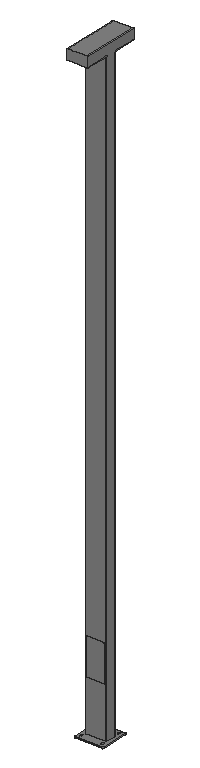
Revit family "Супремус В", category Осветительные приборы, Revit 2019 (continued)
Types (7, lengths in mm): name | Файл фотометрической сетки | built-in parameter 1150105 | Lumens | built-in parameter 1150106 | built-in parameter 1150142 | Wattage | L_общая рассеиватели | ADSK_Фактическая мощность | ADSK_Размер_Высота | ADSK_Номинальная мощность | ADSK_Наименование | ADSK_Масса_Текст | ADSK_Масса | ADSK_Артикул | 2
    0.0 0.0 0.0 0.0 0.0 0.0 0.0 0.0 0.0 0.0 0.0 0.0 0.0 0.0 0.0 0.0 0.0 0.0 0.0 0.0 0.0\r\n 0.0 0.0 0.0 0.0 0.0 0.0 0.0 0.0 0.0 0.0 0.0 0.0 0.0 0.0 0.0 0.0 0.0 0.0 0.0 0.0 0.0 0.0 0.0 0.0 0.0 0.0 0.0 0.0 0.0 0.0 0.0 0.0\r\n 0.0 0.0 0.0 0.0 0.0\r\n275.6 273.7 271.8 269.8 267.9 265.9 264.0 262.0 260.0 257.9 255.6 253.3 251.0 248.8 246.1 243.5 240.4 237.2 233.8 230.1 226.8\r\n 223.3 220.1 217.1 214.2 211.4 209.0 206.5 203.6 200.6 197.6 194.5 191.5 188.3 185.1 181.9 178.6 175.4 171.7 167.9 164.1 160.3\r\n 157.0 153.7 150.5 147.5 144.5 141.6 138.7 135.8 133.1 130.7 128.9 127.4 126.3 124.5 122.6 120.8 119.4 117.7 115.8 113.8 111.8\r\n 109.5 107.1 104.6 102.1 99.7 97.4 95.1 92.7 90.3 87.8 85.5 83.3 81.3 79.2 77.1 75.0 73.0 71.0 69.0 67.0 65.2 63.2 61.2 59.1 57.1\r\n 55.1 53.0 51.0 49.2 47.5 46.0 44.6 43.3 42.0 40.8 39.9 39.1 38.3 37.6 37.1 36.7 36.5 36.3 36.0 35.7 35.2 34.6 34.1 33.7 33.4 33.4\r\n 33.6 34.1 33.9 32.6 31.7 30.9 30.3 29.9 29.4 28.7 28.0 27.5 27.1 26.8 26.9 27.3 28.1 28.9 30.1 32.0 34.5 37.0 39.1 40.8 41.2 42.0\r\n 42.7 42.8 42.6 41.8 41.0 40.2 39.3 38.3 37.3 36.3 35.4 35.4 35.9 35.3 34.7 33.9 33.8 33.5 33.0 32.0 31.2 29.9 28.3 26.9 25.6 24.7\r\n 23.8 23.0 22.0 21.1 20.2 19.2 18.1 16.7 14.9 13.3 12.3 11.2 10.0 8.9 8.1 7.5 6.9 6.5 6.6 6.1 5.8 5.8 5.3 5.3 4.3 3.9 3.8 3.6 3.7\r\n 3.7 3.4 3.2 2.3 2.1 1.8 0.0 0.0 0.0 0.0 0.0 0.0 0.0 0.0 0.0 0.0 0.0 0.0 0.0 0.0 0.0 0.0 0.0 0.0 0.0 0.0 0.0 0.0 0.0 0.0 0.0 0.0\r\n 0.0 0.0 0.0 0.0 0.0 0.0 0.0 0.0 0.0 0.0 0.0 0.0 0.0 0.0 0.0 0.0 0.0 0.0 0.0 0.0 0.0 0.0 0.0 0.0 0.0 0.0 0.0 0.0 0.0 0.0 0.0 0.0\r\n 0.0 0.0 0.0 0.0 0.0 0.0 0.0 0.0 0.0 0.0 0.0 0.0 0.0 0.0 0.0 0.0 0.0 0.0 0.0 0.0 0.0 0.0 0.0 0.0 0.0 0.0 0.0 0.0 0.0 0.0 0.0 0.0\r\n 0.0 0.0 0.0 0.0 0.0 0.0 0.0 0.0 0.0 0.0 0.0 0.0 0.0 0.0 0.0 0.0 0.0 0.0 0.0 0.0 0.0 0.0 0.0 0.0 0.0 0.0 0.0 0.0 0.0 0.0 0.0 0.0\r\n 0.0 0.0 0.0 0.0 0.0 0.0 0.0 0.0 0.0 0.0 0.0 0.0 0.0 0.0 0.0 0.0 0.0 0.0 0.0 0.0 0.0 0.0 0.0 0.0 0.0 0.0 0.0 0.0 0.0 0.0 0.0 0.0\r\n 0.0 0.0 0.0 0.0 0.0 0.0\r\n275.6 274.0 272.1 270.3 268.4 266.6 264.6 262.9 261.0 259.1 257.1 254.9 252.7 250.4 248.0 245.7 243.1 240.2 237.2 234.1 230.9\r\n 227.5 224.1 221.0 218.1 215.2 212.5 210.1 207.6 205.1 202.5 199.5 196.8 194.1 191.3 188.5 185.6 182.6 179.7 176.8 173.7 170.4\r\n 167.1 163.7 160.4 157.2 154.4 151.6 149.0 146.4 143.9 141.5 139.1 136.7 134.5 132.4 130.5 129.1 127.6 126.3 125.0 123.7 122.2\r\n 120.7 119.1 117.3 115.4 113.4 111.3 109.2 107.0 104.7 102.5 100.4 98.3 96.1 93.9 91.6 89.3 87.0 84.8 82.6 80.5 78.5 76.6 74.8\r\n 73.0 71.3 69.4 67.4 65.5 63.7 61.8 60.1 58.4 56.6 54.7 53.1 51.6 50.4 49.3 48.3 47.3 46.3 45.5 45.1 44.6 44.0 43.7 43.2 42.7 42.4\r\n 41.9 41.5 41.0 40.5 40.5 40.8 41.1 40.8 40.2 39.6 38.9 38.4 38.0 37.7 37.4 37.1 36.7 36.3 36.0 35.9 36.1 36.5 37.0 37.5 38.7 40.3\r\n 41.7 42.9 43.7 45.3 47.0 48.8 49.4 49.4 49.3 48.6 47.4 46.0 44.8 43.9 42.8 41.3 40.0 38.5 37.7 37.3 36.5 35.8 34.9 33.8 32.3 30.4\r\n 28.6 26.8 25.2 23.6 22.1 20.8 19.6 18.4 17.2 16.0 14.3 12.4 11.0 9.8 8.5 7.3 6.5 6.0 5.5 5.1 4.9 4.9 4.8 4.7 4.4 4.0 3.5 3.3 3.2\r\n 3.2 3.0 2.9 2.7 2.1 2.0 1.7 1.5 0.0 0.0 0.0 0.0 0.0 0.0 0.0 0.0 0.0 0.0 0.0 0.0 0.0 0.0 0.0 0.0 0.0 0.0 0.0 0.0 0.0 0.0 0.0 0.0\r\n 0.0 0.0 0.0 0.0 0.0 0.0 0.0 0.0 0.0 0.0 0.0 0.0 0.0 0.0 0.0 0.0 0.0 0.0 0.0 0.0 0.0 0.0 0.0 0.0 0.0 0.0 0.0 0.0 0.0 0.0 0.0 0.0\r\n 0.0 0.0 0.0 0.0 0.0 0.0 0.0 0.0 0.0 0.0 0.0 0.0 0.0 0.0 0.0 0.0 0.0 0.0 0.0 0.0 0.0 0.0 0.0 0.0 0.0 0.0 0.0 0.0 0.0 0.0 0.0 0.0\r\n 0.0 0.0 0.0 0.0 0.0 0.0 0.0 0.0 0.0 0.0 0.0 0.0 0.0 0.0 0.0 0.0 0.0 0.0 0.0 0.0 0.0 0.0 0.0 0.0 0.0 0.0 0.0 0.0 0.0 0.0 0.0 0.0\r\n 0.0 0.0 0.0 0.0 0.0 0.0 0.0 0.0 0.0 0.0 0.0 0.0 0.0 0.0 0.0 0.0 0.0 0.0 0.0 0.0 0.0 0.0 0.0 0.0 0.0 0.0 0.0 0.0 0.0 0.0 0.0 0.0\r\n 0.0 0.0 0.0 0.0 0.0 0.0 0.0 0.0\r\n275.6 274.1 272.5 270.6 269.1 267.3 265.5 264.1 262.1 260.4 258.7 256.7 254.6 252.5 250.2 248.0 245.9 243.5 241.0 238.4 235.6\r\n 232.7 229.7 226.6 223.5 220.5 217.8 215.0 212.3 209.8 207.4 205.1 202.8 200.4 197.9 195.4 193.0 190.5 188.1 185.7 183.1 180.5\r\n 177.9 175.1 172.5 169.8 167.1 164.3 161.6 158.9 156.3 153.9 151.7 149.6 147.9 146.2 144.6 142.7 141.1 139.4 137.8 136.4 134.8\r\n 133.4 132.3 131.1 129.6 128.1 126.7 125.0 123.3 121.8 120.0 118.2 116.4 114.5 112.6 110.8 109.1 107.4 105.8 104.2 102.6 101.0\r\n 99.4 97.8 96.1 94.5 92.6 90.8 89.1 87.3 85.7 84.1 82.3 80.6 79.0 77.5 76.1 74.8 73.5 72.4 71.5 70.4 69.1 68.2 67.1 66.2 65.2 64.3\r\n 63.5 62.8 62.0 61.3 60.8 60.4 60.2 60.0 59.7 59.5 59.3 58.8 58.6 58.4 57.8 57.2 56.7 56.2 55.7 55.2 54.5 53.9 53.3 53.0 52.7 52.5\r\n 52.5 52.4 52.3 52.4 52.9 53.4 53.9 54.8 56.1 57.5 58.5 59.5 60.3 61.2 61.2 61.1 60.8 60.0 58.4 55.4 52.5 50.2 48.1 45.9 43.5 40.9\r\n 38.5 36.2 33.8 31.6 29.6 27.6 25.6 23.7 21.8 19.9 18.4 17.0 15.5 14.0 11.9 9.9 8.8 7.7 6.9 6.1 5.5 5.1 4.7 4.5 4.7 4.7 4.3 3.7\r\n 3.3 3.0 3.2 3.0 2.7 2.4 2.0 1.9 1.6 1.4 1.3 0.0 0.0 0.0 0.0 0.0 0.0 0.0 0.0 0.0 0.0 0.0 0.0 0.0 0.0 0.0 0.0 0.0 0.0 0.0 0.0 0.0\r\n 0.0 0.0 0.0 0.0 0.0 0.0 0.0 0.0 0.0 0.0 0.0 0.0 0.0 0.0 0.0 0.0 0.0 0.0 0.0 0.0 0.0 0.0 0.0 0.0 0.0 0.0 0.0 0.0 0.0 0.0 0.0 0.0\r\n 0.0 0.0 0.0 0.0 0.0 0.0 0.0 0.0 0.0 0.0 0.0 0.0 0.0 0.0 0.0 0.0 0.0 0.0 0.0 0.0 0.0 0.0 0.0 0.0 0.0 0.0 0.0 0.0 0.0 0.0 0.0 0.0\r\n 0.0 0.0 0.0 0.0 0.0 0.0 0.0 0.0 0.0 0.0 0.0 0.0 0.0 0.0 0.0 0.0 0.0 0.0 0.0 0.0 0.0 0.0 0.0 0.0 0.0 0.0 0.0 0.0 0.0 0.0 0.0 0.0\r\n 0.0 0.0 0.0 0.0 0.0 0.0 0.0 0.0 0.0 0.0 0.0 0.0 0.0 0.0 0.0 0.0 0.0 0.0 0.0 0.0 0.0 0.0 0.0 0.0 0.0 0.0 0.0 0.0 0.0 0.0 0.0 0.0\r\n 0.0 0.0 0.0 0.0 0.0 0.0 0.0 0.0 0.0 0.0 0.0\r\n275.6 274.2 272.7 271.1 269.7 268.1 266.5 264.9 263.4 261.7 260.1 258.5 256.5 254.6 252.6 250.5 248.5 246.5 244.4 242.2 239.9\r\n 237.4 234.9 232.2 229.4 226.6 223.8 221.1 218.4 215.8 213.2 210.8 208.5 206.2 204.1 201.9 199.9 197.7 195.3 193.2 191.2 188.9\r\n 187.1 185.2 183.2 181.2 179.1 177.0 174.9 173.0 171.0 169.2 167.5 165.7 164.0 162.3 160.8 159.3 157.9 156.6 155.2 154.2 153.1\r\n 151.8 150.5 149.3 148.0 146.6 145.1 143.4 141.6 139.9 138.2 136.8 135.5 134.4 133.3 132.3 131.3 130.1 129.0 127.8 126.6 125.2\r\n 123.8 122.4 121.0 119.6 118.2 116.8 115.6 114.6 113.1 111.9 110.5 109.6 108.3 107.1 106.2 105.5 104.5 103.3 102.3 101.4 100.4\r\n 99.3 98.1 97.1 95.9 94.8 93.8 92.9 92.0 91.4 90.7 90.2 89.6 89.1 88.5 88.0 87.8 87.5 87.4 87.5 87.2 86.8 86.9 86.5 85.9 85.5 85.1\r\n 84.8 84.5 84.2 83.8 83.3 82.6 82.2 81.9 81.3 80.9 80.7 80.1 79.8 79.5 79.2 78.0 76.8 75.6 74.2 72.3 69.7 67.1 63.8 60.6 55.9 50.9\r\n 46.6 42.4 38.5 35.5 33.1 30.8 29.0 27.5 26.3 25.4 24.4 23.6 22.7 21.6 20.7 20.0 19.0 18.1 16.9 15.5 13.4 11.1 9.5 7.9 6.8 6.0 5.3\r\n 4.7 4.2 3.8 3.4 3.4 3.2 3.3 2.9 2.8 2.6 2.3 2.0 1.7 1.5 1.4 1.2 1.2 0.0 0.0 0.0 0.0 0.0 0.0 0.0 0.0 0.0 0.0 0.0 0.0 0.0 0.0 0.0\r\n 0.0 0.0 0.0 0.0 0.0 0.0 0.0 0.0 0.0 0.0 0.0 0.0 0.0 0.0 0.0 0.0 0.0 0.0 0.0 0.0 0.0 0.0 0.0 0.0 0.0 0.0 0.0 0.0 0.0 0.0 0.0 0.0\r\n 0.0 0.0 0.0 0.0 0.0 0.0 0.0 0.0 0.0 0.0 0.0 0.0 0.0 0.0 0.0 0.0 0.0 0.0 0.0 0.0 0.0 0.0 0.0 0.0 0.0 0.0 0.0 0.0 0.0 0.0 0.0 0.0\r\n 0.0 0.0 0.0 0.0 0.0 0.0 0.0 0.0 0.0 0.0 0.0 0.0 0.0 0.0 0.0 0.0 0.0 0.0 0.0 0.0 0.0 0.0 0.0 0.0 0.0 0.0 0.0 0.0 0.0 0.0 0.0 0.0\r\n 0.0 0.0 0.0 0.0 0.0 0.0 0.0 0.0 0.0 0.0 0.0 0.0 0.0 0.0 0.0 0.0 0.0 0.0 0.0 0.0 0.0 0.0 0.0 0.0 0.0 0.0 0.0 0.0 0.0 0.0 0.0 0.0\r\n 0.0 0.0 0.0 0.0 0.0 0.0 0.0 0.0 0.0 0.0 0.0 0.0 0.0 0.0 0.0 0.0 0.0\r\n275.6 274.5 273.1 271.8 270.3 269.0 267.6 266.3 264.7 263.4 261.8 260.1 258.7 257.0 255.2 253.4 251.8 249.9 247.9 246.0 244.1\r\n 242.0 239.9 237.7 235.5 233.3 231.0 228.6 226.3 223.8 221.5 219.0 216.5 214.2 211.9 209.7 207.4 205.3 203.3 201.5 199.8 198.0\r\n 196.3 194.6 193.1 191.7 190.5 189.2 188.1 187.1 186.2 185.1 183.9 182.8 181.7 180.7 179.6 178.5 177.6 176.7 175.9 174.8 174.0\r\n 173.1 172.0 170.9 169.5 168.4 166.8 165.4 164.0 162.6 161.5 160.4 159.5 158.7 157.8 156.9 156.0 155.1 154.3 153.4 152.4 151.3\r\n 150.2 149.3 148.4 147.6 146.9 146.7 145.9 145.0 144.3 143.6 142.5 141.6 141.4 140.7 139.8 138.8 137.9 137.0 135.8 134.8 133.9\r\n 133.0 132.1 131.3 130.5 129.8 129.1 128.4 127.9 127.5 127.1 126.7 126.6 126.4 126.3 126.0 125.8 125.5 125.1 125.0 124.8 124.1\r\n 123.4 122.7 122.2 121.7 121.3 121.1 120.6 120.0 119.3 118.6 118.0 117.0 115.8 114.3 112.6 110.5 107.9 104.6 100.9 97.1 93.2 89.6\r\n 85.0 79.4 74.0 69.0 63.4 56.9 50.6 45.2 40.6 37.4 35.3 33.5 32.1 30.9 30.1 29.4 28.7 27.9 26.9 25.6 24.1 22.6 20.9 19.1 17.5 16.1\r\n 14.7 13.3 11.7 10.4 9.3 7.9 6.4 5.5 4.9 4.3 3.8 3.4 3.0 2.6 2.3 2.3 2.3 2.3 2.3 2.0 1.7 1.4 1.4 1.3 1.3 1.2 1.2 0.0 0.0 0.0 0.0\r\n 0.0 0.0 0.0 0.0 0.0 0.0 0.0 0.0 0.0 0.0 0.0 0.0 0.0 0.0 0.0 0.0 0.0 0.0 0.0 0.0 0.0 0.0 0.0 0.0 0.0 0.0 0.0 0.0 0.0 0.0 0.0 0.0\r\n 0.0 0.0 0.0 0.0 0.0 0.0 0.0 0.0 0.0 0.0 0.0 0.0 0.0 0.0 0.0 0.0 0.0 0.0 0.0 0.0 0.0 0.0 0.0 0.0 0.0 0.0 0.0 0.0 0.0 0.0 0.0 0.0\r\n 0.0 0.0 0.0 0.0 0.0 0.0 0.0 0.0 0.0 0.0 0.0 0.0 0.0 0.0 0.0 0.0 0.0 0.0 0.0 0.0 0.0 0.0 0.0 0.0 0.0 0.0 0.0 0.0 0.0 0.0 0.0 0.0\r\n 0.0 0.0 0.0 0.0 0.0 0.0 0.0 0.0 0.0 0.0 0.0 0.0 0.0 0.0 0.0 0.0 0.0 0.0 0.0 0.0 0.0 0.0 0.0 0.0 0.0 0.0 0.0 0.0 0.0 0.0 0.0 0.0\r\n 0.0 0.0 0.0 0.0 0.0 0.0 0.0 0.0 0.0 0.0 0.0 0.0 0.0 0.0 0.0 0.0 0.0 0.0 0.0 0.0 0.0 0.0 0.0 0.0 0.0 0.0 0.0 0.0\r\n275.6 274.6 273.5 272.3 271.1 269.8 268.7 267.3 266.1 264.8 263.5 261.9 260.6 259.2 257.7 256.3 254.8 253.2 251.7 250.0 248.2\r\n 246.4 244.5 242.6 240.7 238.9 237.2 235.3 233.4 231.6 229.6 227.4 225.3 223.1 221.1 219.3 217.2 215.3 213.5 211.6 210.0 208.4\r\n 206.9 205.7 204.4 203.3 202.3 201.3 200.4 199.6 199.1 198.7 198.2 197.7 197.3 196.7 196.4 195.9 195.6 195.3 195.2 194.9 194.3\r\n 193.7 193.2 192.6 191.7 191.0 190.3 189.5 188.8 188.1 187.4 186.9 186.2 185.8 185.2 184.6 184.1 183.4 182.9 182.4 182.0 181.5\r\n 181.2 180.9 180.7 180.8 180.8 180.1 179.4 179.1 178.7 178.4 178.5 178.4 177.6 176.8 176.2 175.4 174.3 173.3 172.4 171.8 171.2\r\n 170.6 170.1 169.6 169.3 169.0 168.7 168.4 168.1 167.9 167.8 167.6 167.5 167.5 167.4 167.2 167.0 166.6 166.2 165.8 165.4 164.8\r\n 164.4 164.2 164.0 163.6 163.1 162.4 161.6 160.3 159.0 157.3 155.4 153.1 150.1 146.5 142.0 137.0 132.0 126.4 119.6 112.2 104.8\r\n 97.6 90.1 83.2 76.7 71.3 66.4 63.0 59.7 57.8 56.7 55.2 53.5 51.5 48.9 46.0 42.6 39.0 35.1 31.3 27.8 24.6 21.8 19.0 16.6 14.5 12.7\r\n 11.2 9.8 8.6 7.5 6.6 5.9 5.3 4.5 3.7 3.3 3.1 2.9 2.6 2.3 2.1 2.0 1.9 1.7 1.5 1.4 1.3 1.2 1.1 1.1 1.1 1.2 1.2 1.2 0.0 0.0 0.0 0.0\r\n 0.0 0.0 0.0 0.0 0.0 0.0 0.0 0.0 0.0 0.0 0.0 0.0 0.0 0.0 0.0 0.0 0.0 0.0 0.0 0.0 0.0 0.0 0.0 0.0 0.0 0.0 0.0 0.0 0.0 0.0 0.0 0.0\r\n 0.0 0.0 0.0 0.0 0.0 0.0 0.0 0.0 0.0 0.0 0.0 0.0 0.0 0.0 0.0 0.0 0.0 0.0 0.0 0.0 0.0 0.0 0.0 0.0 0.0 0.0 0.0 0.0 0.0 0.0 0.0 0.0\r\n 0.0 0.0 0.0 0.0 0.0 0.0 0.0 0.0 0.0 0.0 0.0 0.0 0.0 0.0 0.0 0.0 0.0 0.0 0.0 0.0 0.0 0.0 0.0 0.0 0.0 0.0 0.0 0.0 0.0 0.0 0.0 0.0\r\n 0.0 0.0 0.0 0.0 0.0 0.0 0.0 0.0 0.0 0.0 0.0 0.0 0.0 0.0 0.0 0.0 0.0 0.0 0.0 0.0 0.0 0.0 0.0 0.0 0.0 0.0 0.0 0.0 0.0 0.0 0.0 0.0\r\n 0.0 0.0 0.0 0.0 0.0 0.0 0.0 0.0 0.0 0.0 0.0 0.0 0.0 0.0 0.0 0.0 0.0 0.0 0.0 0.0 0.0 0.0 0.0 0.0 0.0 0.0 0.0 0.0\r\n275.6 274.9 273.9 272.9 272.0 270.8 269.8 268.8 267.7 266.6 265.4 264.1 262.9 261.6 260.3 259.1 257.8 256.6 255.2 253.9 252.5\r\n 251.0 249.6 247.9 246.4 244.8 243.2 241.7 240.0 238.2 236.9 235.3 233.9 232.6 231.1 229.8 228.3 227.1 225.6 224.3 223.0 222.0\r\n 220.7 219.7 218.6 217.8 216.9 216.0 215.4 214.7 214.0 213.5 213.1 212.6 212.3 211.7 211.4 211.3 211.2 211.1 211.0 210.8 210.8\r\n 210.8 210.7 210.7 210.6 210.8 210.8 210.8 210.9 211.1 211.3 211.4 211.5 211.5 211.5 211.4 211.4 211.5 211.7 211.9 211.9 212.1\r\n 212.3 212.6 213.2 213.5 213.4 213.3 213.4 213.4 213.8 214.1 213.9 213.2 212.9 212.5 211.9 211.5 211.3 211.1 211.0 210.9 210.9\r\n 210.9 210.8 210.8 210.8 210.8 210.9 211.0 211.0 211.1 211.3 211.7 212.3 212.9 213.3 213.6 214.1 214.4 214.6 214.7 214.8 214.7\r\n 214.4 214.2 213.8 213.2 211.9 210.0 207.8 204.8 201.7 198.5 194.3 189.5 184.1 178.3 172.2 165.8 157.9 150.2 142.1 134.7 127.3\r\n 119.8 112.4 106.8 103.0 100.5 98.7 97.7 96.6 94.1 89.8 83.3 75.8 67.4 59.0 50.9 42.7 35.4 29.7 25.2 21.8 18.9 16.4 14.1 12.1 10.4\r\n 9.0 8.0 7.0 6.3 5.6 4.9 4.2 3.7 3.4 3.2 3.1 3.0 2.6 2.3 2.1 2.0 1.8 1.6 1.4 1.2 1.1 1.1 1.1 1.1 1.1 1.1 1.2 1.2 1.2 0.0 0.0 0.0\r\n 0.0 0.0 0.0 0.0 0.0 0.0 0.0 0.0 0.0 0.0 0.0 0.0 0.0 0.0 0.0 0.0 0.0 0.0 0.0 0.0 0.0 0.0 0.0 0.0 0.0 0.0 0.0 0.0 0.0 0.0 0.0 0.0\r\n 0.0 0.0 0.0 0.0 0.0 0.0 0.0 0.0 0.0 0.0 0.0 0.0 0.0 0.0 0.0 0.0 0.0 0.0 0.0 0.0 0.0 0.0 0.0 0.0 0.0 0.0 0.0 0.0 0.0 0.0 0.0 0.0\r\n 0.0 0.0 0.0 0.0 0.0 0.0 0.0 0.0 0.0 0.0 0.0 0.0 0.0 0.0 0.0 0.0 0.0 0.0 0.0 0.0 0.0 0.0 0.0 0.0 0.0 0.0 0.0 0.0 0.0 0.0 0.0 0.0\r\n 0.0 0.0 0.0 0.0 0.0 0.0 0.0 0.0 0.0 0.0 0.0 0.0 0.0 0.0 0.0 0.0 0.0 0.0 0.0 0.0 0.0 0.0 0.0 0.0 0.0 0.0 0.0 0.0 0.0 0.0 0.0 0.0\r\n 0.0 0.0 0.0 0.0 0.0 0.0 0.0 0.0 0.0 0.0 0.0 0.0 0.0 0.0 0.0 0.0 0.0 0.0 0.0 0.0 0.0 0.0 0.0 0.0 0.0 0.0 0.0 0.0 0.0\r\n275.6 275.1 274.4 273.6 272.7 271.8 271.0 270.0 269.2 268.1 267.0 266.1 265.0 264.0 262.9 261.9 260.7 259.6 258.5 257.4 256.1\r\n 254.9 253.8 252.4 251.3 250.1 248.9 247.6 246.5 245.2 244.0 242.8 241.9 240.9 239.9 239.2 238.2 237.3 236.6 235.9 235.3 234.8\r\n 234.4 233.9 233.5 233.1 232.9 232.5 231.9 231.4 231.1 230.6 230.3 229.9 229.6 229.4 229.3 228.9 228.8 228.6 228.4 228.4 228.5\r\n 228.6 228.7 229.1 229.5 229.9 230.2 230.7 231.0 231.6 232.2 232.7 233.1 233.6 234.2 234.7 235.3 235.9 236.4 237.0 237.6 238.4\r\n 239.4 240.8 241.7 242.1 242.5 243.2 244.1 245.1 245.5 245.4 245.4 245.5 245.4 245.5 245.8 245.9 246.1 246.5 246.8 247.3 247.7\r\n 248.0 248.5 249.0 249.3 249.7 249.8 250.3 251.0 251.9 252.8 253.8 254.7 255.6 256.4 256.7 256.9 256.7 256.4 256.1 256.1 256.0\r\n 255.6 254.6 252.8 250.7 248.2 244.7 240.1 235.1 230.0 225.0 220.1 215.3 210.0 204.1 198.6 192.8 186.7 180.9 175.4 169.7 164.5\r\n 160.1 156.9 155.3 154.2 151.0 146.1 139.0 128.6 115.3 100.4 85.0 70.6 60.0 49.4 38.7 32.0 27.0 22.7 18.9 15.7 13.2 11.2 9.7 8.5\r\n 7.6 6.8 6.0 5.4 4.7 4.2 3.6 3.2 3.0 2.9 2.8 2.6 2.5 2.4 2.2 1.8 1.6 1.4 1.2 1.1 1.0 1.0 1.0 1.0 1.0 1.1 1.1 1.1 1.2 1.2 0.0 0.0\r\n 0.0 0.0 0.0 0.0 0.0 0.0 0.0 0.0 0.0 0.0 0.0 0.0 0.0 0.0 0.0 0.0 0.0 0.0 0.0 0.0 0.0 0.0 0.0 0.0 0.0 0.0 0.0 0.0 0.0 0.0 0.0 0.0\r\n 0.0 0.0 0.0 0.0 0.0 0.0 0.0 0.0 0.0 0.0 0.0 0.0 0.0 0.0 0.0 0.0 0.0 0.0 0.0 0.0 0.0 0.0 0.0 0.0 0.0 0.0 0.0 0.0 0.0 0.0 0.0 0.0\r\n 0.0 0.0 0.0 0.0 0.0 0.0 0.0 0.0 0.0 0.0 0.0 0.0 0.0 0.0 0.0 0.0 0.0 0.0 0.0 0.0 0.0 0.0 0.0 0.0 0.0 0.0 0.0 0.0 0.0 0.0 0.0 0.0\r\n 0.0 0.0 0.0 0.0 0.0 0.0 0.0 0.0 0.0 0.0 0.0 0.0 0.0 0.0 0.0 0.0 0.0 0.0 0.0 0.0 0.0 0.0 0.0 0.0 0.0 0.0 0.0 0.0 0.0 0.0 0.0 0.0\r\n 0.0 0.0 0.0 0.0 0.0 0.0 0.0 0.0 0.0 0.0 0.0 0.0 0.0 0.0 0.0 0.0 0.0 0.0 0.0 0.0 0.0 0.0 0.0 0.0 0.0 0.0 0.0 0.0 0.0 0.0\r\n275.6 275.2 274.7 274.0 273.6 272.9 272.1 271.5 270.5 269.8 269.0 268.1 267.3 266.4 265.5 264.6 263.9 262.9 261.9 260.8 259.8\r\n 258.7 257.7 256.8 255.7 254.7 253.9 252.9 252.1 251.1 250.4 249.9 249.3 248.6 248.3 247.7 247.1 246.8 246.5 246.5 246.4 246.4\r\n 246.5 246.4 246.3 246.3 246.5 246.4 246.5 246.5 246.5 246.6 246.7 246.8 247.0 247.1 247.1 247.4 247.4 247.5 247.8 248.1 248.3\r\n 248.5 249.0 249.6 250.1 250.6 251.1 251.8 252.3 252.9 253.4 254.0 254.5 255.1 255.8 256.6 257.5 258.5 259.2 260.2 261.2 262.3\r\n 263.9 265.3 266.2 267.0 268.1 269.6 270.6 271.2 271.4 271.5 271.8 272.0 272.3 272.5 273.3 274.0 274.5 275.0 275.6 276.3 276.7\r\n 277.1 277.9 278.8 279.5 280.4 281.8 283.0 284.6 286.3 287.6 289.1 290.4 291.3 291.9 291.9 291.5 291.2 290.7 290.2 289.9 289.3\r\n 288.0 285.8 283.5 280.5 276.5 272.0 267.1 262.2 257.7 253.3 249.0 244.7 240.4 236.4 232.4 227.6 223.2 219.0 215.4 211.7 207.3\r\n 203.7 200.0 195.1 188.1 178.8 166.6 151.4 132.7 113.9 95.4 80.5 67.6 54.9 43.4 33.3 26.0 20.5 16.7 13.8 11.8 10.1 8.9 7.9 7.1 6.4\r\n 5.9 5.4 5.0 4.4 3.8 3.3 3.0 2.8 2.7 2.6 2.6 2.6 2.6 2.1 1.7 1.5 1.3 1.1 1.1 1.0 1.0 1.0 1.0 1.0 1.1 1.1 1.1 1.2 1.2 0.0 0.0 0.0\r\n 0.0 0.0 0.0 0.0 0.0 0.0 0.0 0.0 0.0 0.0 0.0 0.0 0.0 0.0 0.0 0.0 0.0 0.0 0.0 0.0 0.0 0.0 0.0 0.0 0.0 0.0 0.0 0.0 0.0 0.0 0.0 0.0\r\n 0.0 0.0 0.0 0.0 0.0 0.0 0.0 0.0 0.0 0.0 0.0 0.0 0.0 0.0 0.0 0.0 0.0 0.0 0.0 0.0 0.0 0.0 0.0 0.0 0.0 0.0 0.0 0.0 0.0 0.0 0.0 0.0\r\n 0.0 0.0 0.0 0.0 0.0 0.0 0.0 0.0 0.0 0.0 0.0 0.0 0.0 0.0 0.0 0.0 0.0 0.0 0.0 0.0 0.0 0.0 0.0 0.0 0.0 0.0 0.0 0.0 0.0 0.0 0.0 0.0\r\n 0.0 0.0 0.0 0.0 0.0 0.0 0.0 0.0 0.0 0.0 0.0 0.0 0.0 0.0 0.0 0.0 0.0 0.0 0.0 0.0 0.0 0.0 0.0 0.0 0.0 0.0 0.0 0.0
     0.0 0.0 0.0 0.0\r\n 0.0 0.0 0.0 0.0 0.0 0.0 0.0 0.0 0.0 0.0 0.0 0.0 0.0 0.0 0.0 0.0 0.0 0.0 0.0 0.0 0.0 0.0 0.0 0.0 0.0 0.0 0.0 0.0 0.0\r\n275.6 275.4 275.1 274.8 274.3 273.9 273.4 272.8 272.2 271.6 271.0 270.2 269.6 268.9 268.3 267.4 266.8 266.0 265.2 264.3 263.6\r\n 262.5 261.6 260.8 260.1 259.4 258.7 257.9 257.5 256.9 256.4 256.1 255.6 255.4 255.2 255.0 254.8 254.8 255.1 255.4 255.5 255.6\r\n 255.9 256.3 256.7 257.0 257.3 257.7 258.1 258.5 259.1 259.6 260.2 260.6 261.3 261.8 262.3 262.9 263.8 264.5 265.2 266.2 267.0\r\n 267.8 268.9 269.7 270.6 271.5 272.4 273.5 274.4 275.4 276.5 277.3 278.4 279.3 280.2 281.2 282.0 283.2 284.3 285.5 287.0 288.7\r\n 290.5 291.5 292.5 293.7 295.1 296.5 297.0 297.2 297.6 298.1 298.4 298.7 299.1 299.6 300.3 300.8 301.5 302.4 303.4 304.4 305.4\r\n 306.6 308.2 309.8 311.5 313.4 315.4 317.1 319.1 320.9 322.0 323.0 323.8 323.9 323.6 323.1 322.1 321.3 320.3 319.5 318.7 317.1\r\n 314.7 311.8 308.0 304.1 300.1 295.5 290.8 285.9 281.1 276.6 272.5 268.3 263.8 259.4 255.0 251.1 247.7 244.5 240.8 236.0 231.1\r\n 225.1 217.4 207.1 195.4 181.5 164.8 146.3 126.2 105.9 88.8 73.9 60.6 47.4 34.1 25.5 19.7 15.8 13.0 11.5 10.2 9.2 8.5 7.8 7.0 6.3\r\n 5.7 5.1 4.5 4.1 3.5 3.0 2.7 2.5 2.4 2.3 2.2 2.1 1.9 1.8 1.7 1.5 1.3 1.2 1.1 1.0 0.9 0.9 0.9 1.0 1.0 1.0 1.0 1.1 1.1 0.0 0.0 0.0\r\n 0.0 0.0 0.0 0.0 0.0 0.0 0.0 0.0 0.0 0.0 0.0 0.0 0.0 0.0 0.0 0.0 0.0 0.0 0.0 0.0 0.0 0.0 0.0 0.0 0.0 0.0 0.0 0.0 0.0 0.0 0.0 0.0\r\n 0.0 0.0 0.0 0.0 0.0 0.0 0.0 0.0 0.0 0.0 0.0 0.0 0.0 0.0 0.0 0.0 0.0 0.0 0.0 0.0 0.0 0.0 0.0 0.0 0.0 0.0 0.0 0.0 0.0 0.0 0.0 0.0\r\n 0.0 0.0 0.0 0.0 0.0 0.0 0.0 0.0 0.0 0.0 0.0 0.0 0.0 0.0 0.0 0.0 0.0 0.0 0.0 0.0 0.0 0.0 0.0 0.0 0.0 0.0 0.0 0.0 0.0 0.0 0.0 0.0\r\n 0.0 0.0 0.0 0.0 0.0 0.0 0.0 0.0 0.0 0.0 0.0 0.0 0.0 0.0 0.0 0.0 0.0 0.0 0.0 0.0 0.0 0.0 0.0 0.0 0.0 0.0 0.0 0.0 0.0 0.0 0.0 0.0\r\n 0.0 0.0 0.0 0.0 0.0 0.0 0.0 0.0 0.0 0.0 0.0 0.0 0.0 0.0 0.0 0.0 0.0 0.0 0.0 0.0 0.0 0.0 0.0 0.0 0.0 0.0 0.0 0.0 0.0\r\n275.6 275.6 275.4 275.4 275.1 275.0 274.6 274.5 274.0 273.6 273.1 272.6 272.1 271.6 271.2 270.5 269.9 269.3 268.8 268.0 267.4\r\n 266.9 266.3 265.6 265.0 264.5 264.1 263.6 263.2 263.0 262.7 262.5 262.4 262.4 262.3 262.4 262.5 262.8 263.1 263.2 263.6 264.1\r\n 264.6 265.1 265.7 266.3 266.8 267.5 268.0 268.6 269.3 270.0 270.6 271.4 272.2 272.9 274.0 274.8 275.8 276.8 277.9 279.0 280.1\r\n 281.1 282.3 283.5 284.7 286.1 287.2 288.5 289.8 291.2 292.5 294.0 295.6 296.9 298.3 299.9 301.1 302.3 303.8 305.3 307.0 309.2\r\n 310.7 312.1 313.4 315.4 317.5 318.3 318.9 319.8 320.8 321.9 322.8 323.7 324.9 326.2 327.1 328.4 329.9 331.5 333.0 334.7 336.5\r\n 338.5 340.6 342.9 345.1 347.3 349.5 351.3 352.7 353.8 354.6 355.1 355.0 354.6 353.9 353.3 352.9 352.1 350.9 350.0 348.7 346.8\r\n 343.7 340.1 336.0 332.0 328.1 323.5 318.6 314.1 309.6 304.7 300.3 295.5 290.9 286.8 283.6 281.0 278.4 276.0 271.5 265.0 257.4\r\n 247.6 235.1 220.3 205.5 189.6 171.6 151.8 130.1 108.8 90.3 73.3 59.4 45.5 31.5 24.0 18.8 15.4 13.3 11.9 10.7 9.6 8.8 7.9 7.1 6.4\r\n 5.7 5.1 4.4 3.8 3.2 2.6 2.3 2.0 2.0 2.0 2.0 2.0 1.8 1.8 1.6 1.5 1.3 1.1 1.1 1.0 0.9 0.9 0.9 0.9 0.9 0.9 1.0 1.0 1.0 0.0 0.0 0.0\r\n 0.0 0.0 0.0 0.0 0.0 0.0 0.0 0.0 0.0 0.0 0.0 0.0 0.0 0.0 0.0 0.0 0.0 0.0 0.0 0.0 0.0 0.0 0.0 0.0 0.0 0.0 0.0 0.0 0.0 0.0 0.0 0.0\r\n 0.0 0.0 0.0 0.0 0.0 0.0 0.0 0.0 0.0 0.0 0.0 0.0 0.0 0.0 0.0 0.0 0.0 0.0 0.0 0.0 0.0 0.0 0.0 0.0 0.0 0.0 0.0 0.0 0.0 0.0 0.0 0.0\r\n 0.0 0.0 0.0 0.0 0.0 0.0 0.0 0.0 0.0 0.0 0.0 0.0 0.0 0.0 0.0 0.0 0.0 0.0 0.0 0.0 0.0 0.0 0.0 0.0 0.0 0.0 0.0 0.0 0.0 0.0 0.0 0.0\r\n 0.0 0.0 0.0 0.0 0.0 0.0 0.0 0.0 0.0 0.0 0.0 0.0 0.0 0.0 0.0 0.0 0.0 0.0 0.0 0.0 0.0 0.0 0.0 0.0 0.0 0.0 0.0 0.0 0.0 0.0 0.0 0.0\r\n 0.0 0.0 0.0 0.0 0.0 0.0 0.0 0.0 0.0 0.0 0.0 0.0 0.0 0.0 0.0 0.0 0.0 0.0 0.0 0.0 0.0 0.0 0.0 0.0 0.0 0.0 0.0 0.0 0.0\r\n" | 59.2425 W | 550 | 77.8 W | 5000 | 80 W | "ДТУ121с6 Светодиодный светильник Супремус-B ДТУ-121-AF-ДТУП1211(40Вт)+ДТУП1211(40Вт)-5.0" | "109" | 109 | "ДТУ121с6" | yes
